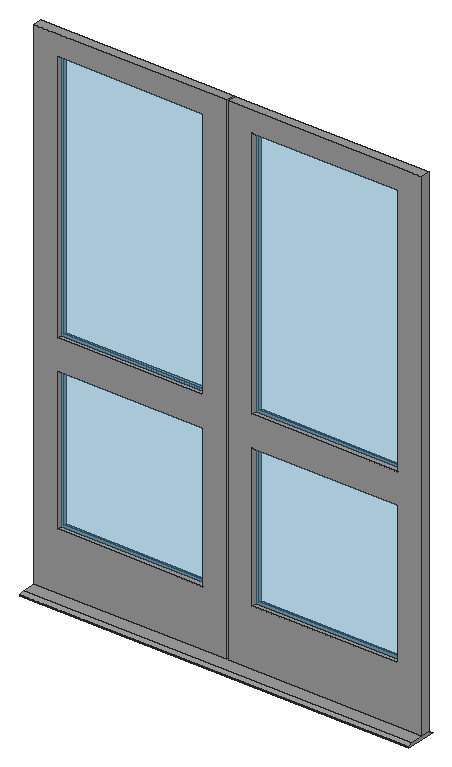
Revit family "AD P-E-DG-BHINGE-DBL ENT-SF_Arc", category Curtain Panels, Revit 2019
Family settings
  OmniClass Number = 23.25.20.14.11.11.17
  OmniClass Title = Infill Panels
  Always vertical = Yes
  Cut with Voids When Loaded = No
  Shared = No
Parameters
  Width [instance] = 6' - 2"
  Wide Stile Entrance [instance] = not(Medium Stile Entrance)  # no
  URL = "obe.com"
  Rough Width [instance] = Width + 0' 0 1/2"  # 6' - 2 1/2"
  Offset [instance] = 0' - 0"
  Model = "AD P-E-DG"
  Min Panel Width [instance] = if(Rough Width > 5' 11 255/256", Rough Width, 6' 0")  # 6' - 2 1/2"
  Medium Stile Entrance [instance] = yes
  Manufacturer = "Oldcastle BuildingEnvelope®"
  Keynote = "08 11 00"
  Height [instance] = 8' - 0"
  Glass Material = Glass
  Frame Material = Aluminum
  Door Panel Height [instance] = Height + 0' 0 1/2"  # 8' - 0 1/2"
  Description = "ArmorDefend Plus Medium/Wide Stile Entrance  - 7/16\" Infill"
  Assembly Code = "B2030"
  Analytic Construction = "<None>"
  8 Mid Rail [instance] = no
  4 Mid Rail [instance] = if(or([6.5 Mid Rail], 1 < 0, [8 Mid Rail], 1 < 0, [10 Mid Rail], 1 < 0), 0 > 1, 1 > 0)  # yes
  6.5 Mid Rail [instance] = no
  10 Mid Rail [instance] = no
Reference planes (in)
  plane 1 "Front": y = 0
  plane 2: z = 0
  plane 3 "Center (Left/Right)": x = 0
  plane 4 "Left": x = -37
  plane 5 "Right": x = 37
  plane 6 "Top": z = 96
  plane 7: x = -37.25
  plane 8: x = 37.25
Text (in)
  text "Exterior" at (-54.29358, 31.38743, 0), in view "Ref. Level"
  text "Exterior" at (480, 41.53993, 89.60405), in view "Right"
  text "Exterior" at (-240, 57.82419, 105.78864), in view "Left"
Dimensions and locks (in)
  equal spacing: plane 4 "Left", plane 3 "Center (Left/Right)", plane 5 "Right"
  "Width": plane 4 "Left" to plane 5 "Right"
  "Height": plane 6 "Top" to plane 2
  equal spacing: plane 7, plane 3 "Center (Left/Right)", plane 8
  "Min Panel Width": plane 7 to plane 8
  aligned and locked: level to plane 2
  aligned and locked: plane 3 "Center (Left/Right)" to nested 1
  aligned and locked: plane 1 "Front" to nested 1
Nested families (in)
  nested 1: "AD P-E-DG-BHINGE-Double Door-Panel" at (0, -16, 0), Frame Material <- "Frame Material", Glass Material <- "Glass Material", Width <- "Min Panel Width", Height <- "Door Panel Height", Medium Stile Entrance <- "Medium Stile Entrance", 6.5 Mid Rail <- "6.5 Mid Rail", 8 Mid Rail <- "8 Mid Rail", 10 Mid Rail <- "10 Mid Rail", Offset <- "Offset", type "AD E-DG-BHINGE-Double Door-Panel"
    with Wing Width 3' - 1 1/4", built-in parameter 1001301 6' - 2 1/2", Wide Stile Entrance no, Pushbar Height 3' - 5 1/4", Offset 0' - 0", Medium Stile Entrance yes, built-in parameter 1001300 8' - 0 1/2", Glass at Muntins 0' - 4 29/64", Glass Material Glass, Frame Material Aluminum, Edge of meeting stiles 0' - 4 1/32", Edge of door panel 0' - 4 19/64", 8 Mid Rail no, 6.5 Mid Rail no, 4 Mid Rail yes, 10 Mid Rail no
Definition of nested family "AD P-E-DG-BHINGE-Double Door-Panel"
  Parameters (values of type "AD E-DG-BHINGE-Double Door-Panel")
    Wing Width [instance] = Width / 2  # 3' - 0"
    Width [instance] = 6' - 0"
    Wide Stile Entrance [instance] = not(Medium Stile Entrance)  # no
    Offset [instance] = 0' - 1"
    Medium Stile Entrance [instance] = yes
    Height [instance] = 8' - 0"
    Pushbar Height [instance] = 3' - 5 1/4"  # constant formula
    Glass at Muntins [instance] = if([4 Mid Rail], 0' 4 29/64", if([6.5 Mid Rail], 0' 6 61/64", if([8 Mid Rail], 0' 8 29/64", if([10 Mid Rail], 0' 10 29/64", 0' 4 29/64"))))  # 0' - 4 29/64"
    Glass Material [instance] = none
    Frame Material [instance] = none
    Edge of meeting stiles [instance] = if(Medium Stile Entrance, 0' 4 1/32", if(Wide Stile Entrance, 0' 5 9/32", 0' 4 1/32"))  # 0' - 4 1/32"
    Edge of door panel [instance] = if(Medium Stile Entrance, 0' 4 19/64", if(Wide Stile Entrance, 0' 5 35/64", 0' 4 19/64"))  # 0' - 4 19/64"
    Analytic Construction = "<None>"
    8 Mid Rail [instance] = no
    6.5 Mid Rail [instance] = no
    4 Mid Rail [instance] = if(or([6.5 Mid Rail], 1 < 0, [8 Mid Rail], 1 < 0, [10 Mid Rail], 1 < 0), 0 > 1, 1 > 0)  # yes
    10 Mid Rail [instance] = no
  Reference planes (in)
    plane 1 "00": y = 14.2655
    plane 2: z = 0
    plane 3 "Center (Left/Right)": x = 0
    plane 4: z = 96
    plane 5: x = -36
    plane 6: x = 36
    plane 7 "Center (Front/Back)": y = 16
    plane 8 "Exterior": y = 14.703
    plane 9: z = 48
    plane 10: z = 10.92187
    plane 11: z = 92.125
    plane 12: z = 0
    plane 13 "Offset": y = 15
    plane 14 "Pushbar Height": z = 41.25
    plane 15 "01": z = 43.47656
    plane 16 "02": z = 39.02344
    plane 17 "Edge of meeting stiles R": x = -4.03125
    plane 18 "Edge of meeting stiles L": x = 4.03125
    plane 19: x = -4.03125
    plane 20: x = 4.03125
    plane 21: x = -31.70312
    plane 22: x = 31.70313
  Forms (in)
    Sweep 1, solid, material <- "Frame Material"
      path origin (0, 14.2655, 0) x (1, 0, 0) y (0, 0, 1)
        loop
          line (-35.56307, 96) -> (-0.22004, 96)
      profile origin (-17.89155, 14.2655, 96) x (0, 0, 1) y (0, -1, 0)
        loop
          line (-0.65625, -0.672) -> (-0.65625, 1.078) -> (-2.90218, 1.078) -> (-4.46825, 1.078) -> (-4.46825, 0.215) -> (-3.875, 0.215) -> (-3.875, -0.215) -> (-4.65625, -0.215) -> (-4.65625, -0.672) -> (-2.90218, -0.672) -> (-0.65625, -0.672)
    Sweep 2, solid, material <- "Frame Material"
      path origin (0, 14.2655, 0) x (1, 0, 0) y (0, 0, 1)
        loop
          line (35.24042, 95.34375) -> (35.24042, 0.6875)
      profile origin (35.24042, 14.2655, 48.01562) x (0, -1, 0) y (1, 0, 0)
        loop
          line (-0.672, 0.43158) -> (-0.672, -1.45435) -> (-0.672, -4.31854) -> (-0.21513, -4.31854) -> (-0.21513, -3.53729) -> (0.215, -3.53729) -> (0.215, -4.13054) -> (1.078, -4.13054) -> (1.078, -1.45435) -> (1.078, 0.32258) -> (-0.672, 0.43158)
    Sweep 3, solid, material <- "Frame Material"
      path origin (0, 14.2655, 0) x (1, 0, 0) y (0, 0, 1)
        loop
          line (-35.25, 95.34375) -> (-35.25, 0.6875)
      profile origin (-35.25, 14.2655, 48.01563) x (0, -1, 0) y (1, 0, 0)
        loop
          line (-0.672, -0.42207) -> (1.078, -0.31307) -> (1.078, 1.46393) -> (1.078, 4.14013) -> (0.215, 4.14013) -> (0.215, 3.54687) -> (-0.215, 3.54687) -> (-0.215, 4.32813) -> (-0.672, 4.32813) -> (-0.672, 1.46393) -> (-0.672, -0.42207)
    Sweep 4, solid, material <- "Frame Material"
      path origin (0, 14.2655, 0) x (1, 0, 0) y (0, 0, 1)
        loop
          line (0.22004, 96) -> (35.563, 96)
      profile origin (17.89152, 14.2655, 96) x (0, 0, 1) y (0, -1, 0)
        loop
          line (-0.65625, -0.672) -> (-0.65625, 1.078) -> (-2.77706, 1.078) -> (-4.46825, 1.078) -> (-4.46825, 0.215) -> (-3.875, 0.215) -> (-3.875, -0.215) -> (-4.65625, -0.215) -> (-4.65625, -0.672) -> (-2.77706, -0.672) -> (-0.65625, -0.672)
    Sweep 5, solid, material <- "Frame Material"
      path origin (0, 14.2655, 0) x (1, 0, 0) y (0, 0, 1)
        loop
          line (35.563, 0) -> (0.22004, 0)
      profile origin (17.89152, 14.2655, 0) x (0, 0, -1) y (0, -1, 0)
        loop
          line (-3.49593, -0.672) -> (-0.6875, -0.672) -> (-0.6875, 1.078) -> (-3.49593, 1.078) -> (-11.49949, 1.078) -> (-11.49949, 0.215) -> (-10.92187, 0.215) -> (-10.92187, -0.215) -> (-11.68749, -0.215) -> (-11.68749, -0.672) -> (-3.49593, -0.672)
    Extrusion 6, solid, material <- "Glass Material", detail levels medium+fine
      sketch origin (0, 0, 0) x (1, 0, 0) y (0, 1, 0)
        loop
          line (-31.70312, 14.0505) -> (-4.03125, 14.0505) -> (-4.03125, 14.1755) -> (-31.70312, 14.1755) -> (-31.70312, 14.0505)
        loop
          line (-4.03125, 14.4805) -> (-31.70312, 14.4805) -> (-31.70312, 14.3555) -> (-4.03125, 14.3555) -> (-4.03125, 14.4805)
      from 43.47656 to 92.125
    Sweep 7, solid, material <- "Frame Material"
      path origin (0, 15, 0) x (1, 0, 0) y (0, 0, 1)
        loop
          line (-35.67207, 0) -> (35.672, 0)
      profile origin (-0.00003, 15, 0) x (0, 0, 1) y (0, -1, 0)
        loop
          line (0.5, 4.1875) -> (0.125, 4.9375) -> (0, 4.9375) -> (0, -0.6875) -> (0.125, -0.6875) -> (0.5, 0.0625) -> (0.5, 4.1875)
    Sweep 8, solid, material <- "Frame Material"
      path origin (0, 15, 0) x (1, 0, 0) y (0, 0, 1)
        loop
          line (35.563, 41.25) -> (0.22004, 41.25)
      profile origin (17.89152, 15, 41.25) x (0, 0, -1) y (0, -1, 0)
        loop
          line (2.82019, 1.8125) -> (-2.804, 1.8125) -> (-2.804, 0.9495) -> (-2.22656, 0.9495) -> (-2.22656, 0.5195) -> (-2.992, 0.5195) -> (-2.992, 0.0625) -> (3.00819, 0.0625) -> (3.00819, 0.5195) -> (2.22656, 0.5195) -> (2.22656, 0.9495) -> (2.82019, 0.9495) -> (2.82019, 1.8125)
    Sweep 9, solid, material <- "Frame Material"
      path origin (-34, 15, 0) x (1, 0, 0) y (0, 0, 1)
        loop
          line (33.77996, 41.25) -> (-1.47004, 41.25)
      profile origin (-17.84504, 15, 41.25) x (0, 0, -1) y (0, -1, 0)
        loop
          line (2.82, 1.8125) -> (-2.80419, 1.8125) -> (-2.80419, 0.9495) -> (-2.22656, 0.9495) -> (-2.22656, 0.5195) -> (-2.99219, 0.5195) -> (-2.99219, 0.0625) -> (3.008, 0.0625) -> (3.008, 0.5195) -> (2.22656, 0.5195) -> (2.22656, 0.9495) -> (2.82, 0.9495) -> (2.82, 1.8125)
    Sweep 10, solid, material <- "Frame Material"
      path origin (-40, 14.2655, 0) x (1, 0, 0) y (0, 0, 1)
        loop
          line (39.77996, 0) -> (4.52996, 0)
      profile origin (-17.84504, 14.2655, 0) x (0, 0, -1) y (0, -1, 0)
        loop
          line (-3.49593, -0.672) -> (-0.6875, -0.672) -> (-0.6875, 1.078) -> (-3.49593, 1.078) -> (-11.49949, 1.078) -> (-11.49949, 0.215) -> (-10.92187, 0.215) -> (-10.92187, -0.215) -> (-11.68749, -0.215) -> (-11.68749, -0.672) -> (-3.49593, -0.672)
    Sweep 11, solid, material <- "Frame Material"
      path origin (0, 15, 0) x (1, 0, 0) y (0, 0, 1)
        loop
          line (0, 95.34375) -> (0, 0.6875)
      profile origin (0, 15, 48.01563) x (0, -1, 0) y (1, 0, 0)
        loop
          line (0.0625, -0.22004) -> (0.0625, -4.8125) -> (0.5195, -4.8125) -> (0.5195, -4.03125) -> (0.9495, -4.03125) -> (0.9495, -4.6245) -> (1.8125, -4.6245) -> (1.8125, -0.22004)
          arc (1.8125, -0.22004) -> (0.9375, -0.06285) -> (0.0625, -0.22004) r 2.51398
        loop
          arc (0.0625, 0.22004) -> (0.9375, 0.06285) -> (1.8125, 0.22004) r 2.51398
          line (1.8125, 0.22004) -> (1.8125, 4.6245) -> (0.9495, 4.6245) -> (0.9495, 4.03125) -> (0.5195, 4.03125) -> (0.5195, 4.8125) -> (0.0625, 4.8125) -> (0.0625, 0.22004)
    Extrusion 12, solid, material <- "Glass Material", detail levels coarse
      sketch origin (0, 0, 0) x (1, 0, 0) y (0, 1, 0)
        loop
          line (-31.70312, 14.0505) -> (-4.03125, 14.0505) -> (-4.03125, 14.4805) -> (-31.70312, 14.4805) -> (-31.70312, 14.0505)
      from 43.47656 to 92.125
    Extrusion 13, solid, material <- "Glass Material", detail levels coarse
      sketch origin (0, 0, -32.25) x (1, 0, 0) y (0, 1, 0)
        loop
          line (-31.70312, 14.0505) -> (-4.03125, 14.0505) -> (-4.03125, 14.4805) -> (-31.70312, 14.4805) -> (-31.70312, 14.0505)
      from 43.17187 to 71.27344
    Extrusion 14, solid, material <- "Glass Material", detail levels medium+fine
      sketch origin (0, 0, -32.25) x (1, 0, 0) y (0, 1, 0)
        loop
          line (-31.70312, 14.0505) -> (-4.03125, 14.0505) -> (-4.03125, 14.1755) -> (-31.70312, 14.1755) -> (-31.70312, 14.0505)
        loop
          line (-31.70312, 14.4805) -> (-31.70312, 14.3555) -> (-4.03125, 14.3555) -> (-4.03125, 14.4805) -> (-31.70312, 14.4805)
      from 43.17187 to 71.27344
    Extrusion 15, solid, material <- "Glass Material", detail levels coarse
      sketch origin (36.25, 0, 0) x (1, 0, 0) y (0, 1, 0)
        loop
          line (-32.21875, 14.0505) -> (-4.54687, 14.0505) -> (-4.54687, 14.4805) -> (-32.21875, 14.4805) -> (-32.21875, 14.0505)
      from 43.47656 to 92.125
    Extrusion 16, solid, material <- "Glass Material", detail levels medium+fine
      sketch origin (36.25, 0, 0) x (1, 0, 0) y (0, 1, 0)
        loop
          line (-32.21875, 14.0505) -> (-4.54687, 14.0505) -> (-4.54687, 14.1755) -> (-32.21875, 14.1755) -> (-32.21875, 14.0505)
        loop
          line (-32.21875, 14.4805) -> (-32.21875, 14.3555) -> (-4.54687, 14.3555) -> (-4.54687, 14.4805) -> (-32.21875, 14.4805)
      from 43.47656 to 92.125
    Extrusion 17, solid, material <- "Glass Material", detail levels medium+fine
      sketch origin (36.25, 0, -45) x (1, 0, 0) y (0, 1, 0)
        loop
          line (-32.21875, 14.0505) -> (-4.54687, 14.0505) -> (-4.54687, 14.1755) -> (-32.21875, 14.1755) -> (-32.21875, 14.0505)
        loop
          line (-32.21875, 14.4805) -> (-32.21875, 14.3555) -> (-4.54687, 14.3555) -> (-4.54687, 14.4805) -> (-32.21875, 14.4805)
      from 55.92188 to 84.02344
    Extrusion 18, solid, material <- "Glass Material", detail levels coarse
      sketch origin (36.25, 0, -45) x (1, 0, 0) y (0, 1, 0)
        loop
          line (-32.21875, 14.0505) -> (-4.54687, 14.0505) -> (-4.54687, 14.4805) -> (-32.21875, 14.4805) -> (-32.21875, 14.0505)
      from 55.92188 to 84.02344
  Cuts and joins
    joined: Sweep 1, Sweep 2, Sweep 3, Sweep 4, Sweep 5, Sweep 8, Sweep 9, Sweep 10, Sweep 11
  Lines and regions (in)
    model lines
      curve 1: line (3.3125, 14.703, 91.84375) -> (33.1875, 14.703, 48.02216)
      curve 2: line (33.1875, 14.703, 48.02216) -> (3.3745, 14.703, 11.20312)
      curve 3: line (-3.5625, 14.703, 91.84375) -> (-32.657, 14.703, 48)
      curve 4: line (-32.657, 14.703, 48) -> (-3.5625, 14.703, 11.20312)
  Dimensions and locks (in)
    "Height": plane 4 to level
    equal spacing: plane 5, plane 3 "Center (Left/Right)", plane 6
    "Width": plane 5 to plane 6
    plane 1 "00" to plane 8 "Exterior" to plane 13 "Offset" = 0' - 0 7/16" locked, 0' - 0.297" locked
    equal spacing: level, plane 9, plane 4
    locked: Sweep 2 sketch curve to plane 4 at 0.65625
    locked: Sweep 3 sketch curve to plane 4 at 0.65625
    locked: plane 3 "Center (Left/Right)" to Sweep 1 sketch curve at 0.22004
    locked: Sweep 4 sketch curve to plane 3 "Center (Left/Right)" at 0.22004
    locked: Sweep 5 sketch curve to plane 3 "Center (Left/Right)" at 0.22004
    locked: plane 10 to plane 2 at 10.92187
    locked: Sweep 5 sketch curve to plane 10 at 0.57761
    locked: Sweep 5 sketch curve to plane 10 at 0.76561
    equal spacing: plane 4, plane 9, plane 12
    locked: plane 11 to Sweep 4 sketch curve at 0.59325
    locked: plane 11 to Sweep 4 sketch curve at 0.78125
    locked: plane 4 to plane 11 at 3.875
    Extrusion 6 sketch curve to Extrusion 6 sketch curve to plane 1 "00" to Extrusion 6 sketch curve to Extrusion 6 sketch curve = 0' - 0 1/8" locked, 0' - 0.09" locked, 0' - 0.09" locked, 0' - 0 1/8" locked
    "Offset": plane 13 "Offset" to plane 7 "Center (Front/Back)"
    locked: plane 6 to Sweep 7 sketch curve at 0.328
    locked: Sweep 7 sketch curve to plane 5 at 0.32793
    locked: Sweep 3 sketch curve to plane 12 at 0.6875
    locked: Sweep 2 sketch curve to plane 12 at 0.6875
    "Edge of door panel": plane 5 to Sweep 3 sketch curve
    Sweep 3 sketch curve to Sweep 3 sketch curve to Sweep 3 sketch curve = 0' - 0.59325" locked, 0' - 0.188" locked
    "Edge of door panel": Sweep 2 sketch curve to plane 6
    Sweep 2 sketch curve to Sweep 2 sketch curve to Sweep 2 sketch curve = 0' - 0.188" locked, 0' - 0.59325" locked
    Sweep 3 sketch curve to Sweep 3 sketch curve to Sweep 3 sketch curve to Sweep 3 sketch curve to plane 13 "Offset" = 0' - 0.863" locked, 0' - 0.43" locked, 0' - 0.457" locked, 0' - 0 1/16" locked
    Sweep 2 sketch curve to Sweep 2 sketch curve to Sweep 2 sketch curve to Sweep 2 sketch curve to plane 13 "Offset" = 0' - 0.863" locked, 0' - 0.43012" locked, 0' - 0.45687" locked, 0' - 0 1/16" locked
    locked: plane 6 to Sweep 5 sketch curve at 0.437
    "Pushbar Height": plane 14 "Pushbar Height" to level
    equal spacing: plane 16 "02", plane 14 "Pushbar Height", plane 15 "01"
    "Glass at Muntins": plane 16 "02" to plane 15 "01"
    locked: plane 6 to Sweep 8 sketch curve at 0.437
    locked: Sweep 8 sketch curve to plane 3 "Center (Left/Right)" at 0.22004
    locked: plane 3 "Center (Left/Right)" to Sweep 9 sketch curve at 0.22004
    locked: Sweep 9 sketch curve to plane 5 at 0.52996
    locked: Sweep 10 sketch curve to plane 5 at 0.52996
    locked: plane 3 "Center (Left/Right)" to Sweep 10 sketch curve at 0.22004
    locked: Sweep 11 sketch curve to plane 4 at 0.65625
    locked: level to Sweep 11 sketch curve at 0.6875
    "Edge of meeting stiles": plane 17 "Edge of meeting stiles R" to plane 3 "Center (Left/Right)"
    "Edge of meeting stiles": plane 3 "Center (Left/Right)" to plane 18 "Edge of meeting stiles L"
    Sweep 11 sketch curve to Sweep 11 sketch curve to plane 17 "Edge of meeting stiles R" = 0' - 0.188" locked, 0' - 0.59325" locked
    plane 18 "Edge of meeting stiles L" to Sweep 11 sketch curve to Sweep 11 sketch curve = 0' - 0.59325" locked, 0' - 0.188" locked
    "Edge of meeting stiles": plane 19 to plane 3 "Center (Left/Right)"
    "Edge of meeting stiles": plane 3 "Center (Left/Right)" to plane 20
    "Edge of door panel": plane 5 to plane 21
    "Edge of door panel": plane 22 to plane 6
    Extrusion 12 sketch curve to plane 1 "00" to Extrusion 12 sketch curve = 0' - 0.215" locked, 0' - 0.215" locked
    Extrusion 13 sketch curve to plane 1 "00" to Extrusion 13 sketch curve = 0' - 0.215" locked, 0' - 0.215" locked
    Extrusion 14 sketch curve to plane 1 "00" to Extrusion 14 sketch curve = 0' - 0.215" locked, 0' - 0.215" locked
    Extrusion 15 sketch curve to plane 1 "00" to Extrusion 15 sketch curve = 0' - 0.215" locked, 0' - 0.215" locked
    Extrusion 16 sketch curve to Extrusion 16 sketch curve to plane 1 "00" to Extrusion 16 sketch curve to Extrusion 16 sketch curve = 0' - 0 1/8" locked, 0' - 0.09" locked, 0' - 0.09" locked, 0' - 0 1/8" locked
    Extrusion 17 sketch curve to Extrusion 17 sketch curve to plane 1 "00" to Extrusion 17 sketch curve to Extrusion 17 sketch curve = 0' - 0 1/8" locked, 0' - 0.09" locked, 0' - 0.09" locked, 0' - 0 1/8" locked
    Extrusion 18 sketch curve to plane 1 "00" to Extrusion 18 sketch curve = 0' - 0.215" locked, 0' - 0.215" locked
    Sweep 8 sketch curve to Sweep 8 sketch curve to plane 15 "01" = 0' - 0.188" locked, 0' - 0.57744" locked
    Sweep 8 sketch curve to Sweep 8 sketch curve to plane 16 "02" = 0' - 0.188" locked, 0' - 0.59363" locked
    Sweep 9 sketch curve to Sweep 9 sketch curve to plane 15 "01" = 0' - 0.188" locked, 0' - 0.57763" locked
    Sweep 9 sketch curve to Sweep 9 sketch curve to plane 16 "02" = 0' - 0.188" locked, 0' - 0.59344" locked
    aligned and locked: plane 2 to level
    aligned and locked: Sweep 1 sketch curve to plane 4
    aligned and locked: Sweep 5 sketch curve to level
    aligned and locked: plane 4 to Sweep 4 sketch curve
    aligned and locked: plane 9 to curve 3
    aligned and locked: Sweep 7 sketch curve to plane 12
    aligned and locked: Sweep 5 sketch curve to plane 10
    aligned and locked: plane 11 to Extrusion 6
    aligned and locked: Sweep 4 sketch curve to plane 11
    aligned and locked: Extrusion 6 to plane 15 "01"
    aligned and locked: Sweep 8 sketch curve to plane 14 "Pushbar Height"
    aligned and locked: Sweep 9 sketch curve to plane 14 "Pushbar Height"
    aligned and locked: Sweep 10 sketch curve to level
    aligned and locked: plane 3 "Center (Left/Right)" to Sweep 11 sketch curve
    aligned and locked: Sweep 11 sketch curve to plane 17 "Edge of meeting stiles R"
    aligned and locked: Sweep 11 sketch curve to plane 18 "Edge of meeting stiles L"
    aligned and locked: plane 21 to Extrusion 6
    aligned and locked: Extrusion 6 to plane 21
    aligned and locked: plane 19 to Extrusion 6
    aligned and locked: Extrusion 6 to plane 19
    aligned and locked: Extrusion 12 sketch curve to plane 21
    aligned and locked: Extrusion 12 sketch curve to plane 19
    aligned and locked: plane 11 to Extrusion 12
    aligned and locked: Extrusion 12 to plane 15 "01"
    aligned and locked: Extrusion 13 to plane 10
    aligned and locked: Extrusion 13 to plane 16 "02"
    aligned and locked: Extrusion 13 sketch curve to plane 21
    aligned and locked: Extrusion 13 sketch curve to plane 19
    aligned and locked: Extrusion 14 sketch curve to plane 19
    aligned and locked: plane 19 to Extrusion 14 sketch curve
    aligned and locked: Extrusion 14 sketch curve to plane 21
    aligned and locked: plane 21 to Extrusion 14 sketch curve
    aligned and locked: Extrusion 15 sketch curve to plane 20
    aligned and locked: Extrusion 15 sketch curve to plane 22
    aligned and locked: plane 11 to Extrusion 15
    aligned and locked: Extrusion 14 to plane 16 "02"
    aligned and locked: Extrusion 14 to plane 10
    aligned and locked: Extrusion 16 sketch curve to plane 22  (x2)
    aligned and locked: Extrusion 16 sketch curve to plane 20  (x2)
    aligned and locked: Extrusion 16 to plane 15 "01"
    aligned and locked: plane 11 to Extrusion 16
    aligned and locked: Extrusion 17 to plane 16 "02"
    aligned and locked: Extrusion 17 to plane 10
    aligned and locked: Extrusion 17 sketch curve to plane 20  (x2)
    aligned and locked: Extrusion 17 sketch curve to plane 22  (x2)
    aligned and locked: Extrusion 18 to plane 10
    aligned and locked: Extrusion 18 to plane 16 "02"
    aligned and locked: Extrusion 18 sketch curve to plane 20
    aligned and locked: Extrusion 18 sketch curve to plane 22
    aligned and locked: Sweep 8 sketch curve to plane 15 "01"
    aligned and locked: Sweep 8 sketch curve to plane 16 "02"
    aligned and locked: Sweep 9 sketch curve to plane 15 "01"
    aligned and locked: Sweep 9 sketch curve to plane 16 "02"
  Automatic sketch dimensions
    plane 5 to Sweep 1 sketch curve = 0' - 0.43693"
    Sweep 1 sketch curve to plane 1 "00" = 0' - 0.215"
    profile plane to Sweep 1 sketch curve = 0' - 4 21/32"
    plane 1 "00" to Sweep 1 sketch curve = 0' - 0.215"
    Sweep 1 sketch curve to Sweep 1 sketch curve = 0' - 0.188"
    Sweep 1 sketch curve to Sweep 1 sketch curve = 0' - 0.59325"
    Sweep 1 sketch curve to Sweep 1 sketch curve = 0' - 0.97282"  (x2)
    profile plane to Sweep 1 sketch curve = 0' - 0 21/32"
    Sweep 1 sketch curve to plane 1 "00" = 0' - 0.672"
    plane 1 "00" to Sweep 1 sketch curve = 0' - 1.078"
    Sweep 2 sketch curve to plane 6 = 0' - 0.75958"
    plane 5 to Sweep 3 sketch curve = 0' - 0 3/4"
    Sweep 4 sketch curve to plane 6 = 0' - 0.437"
    Sweep 4 sketch curve to Sweep 4 sketch curve = 0' - 1.09794"  (x2)
    profile plane to Sweep 4 sketch curve = 0' - 0 21/32"
    Sweep 4 sketch curve to plane 1 "00" = 0' - 0.672"
    Sweep 4 sketch curve to plane 1 "00" = 0' - 0.215"
    plane 1 "00" to Sweep 4 sketch curve = 0' - 0.215"
    plane 1 "00" to Sweep 4 sketch curve = 0' - 1.078"
    plane 1 "00" to Sweep 5 sketch curve = 0' - 1.078"
    profile plane to Sweep 5 sketch curve = 0' - 3.49593"
    Sweep 5 sketch curve to plane 1 "00" = 0' - 0.672"
    Sweep 5 sketch curve to Sweep 5 sketch curve = 0' - 0"
    profile plane to Sweep 5 sketch curve = 0' - 0 11/16"
    Sweep 5 sketch curve to plane 1 "00" = 0' - 0.215"
    plane 1 "00" to Sweep 5 sketch curve = 0' - 0.215"
    Extrusion 6 sketch curve to plane 21 = 0' - 0"  (x2)
    Extrusion 6 sketch curve to plane 19 = 0' - 0"  (x2)
    plane 21 to curve 4 = 0' - 0.95388"
    plane 9 to curve 2 = 0' - 0.02216"
    plane 22 to curve 2 = 0' - 1 31/64"
    curve 4 to plane 19 = 0' - 0 15/32"
    curve 3 to plane 19 = 0' - 0 15/32"
    curve 1 to plane 11 = 0' - 0 9/32"
    curve 1 to plane 20 = 0' - 0 23/32"
    plane 10 to curve 2 = 0' - 0 9/32"
    curve 2 to plane 20 = 0' - 0.65675"
    plane 10 to curve 4 = 0' - 0 9/32"
    curve 3 to plane 11 = 0' - 0 9/32"
    profile plane to Sweep 7 sketch curve = 0' - 0"
    Sweep 7 sketch curve to Sweep 7 sketch curve = 0' - 0 1/8"  (x2)
    Sweep 7 sketch curve to profile plane = 0' - 0 1/2"
    Sweep 7 sketch curve to plane 13 "Offset" = 0' - 0 11/16"
    plane 13 "Offset" to Sweep 7 sketch curve = 0' - 0 1/16"
    plane 13 "Offset" to Sweep 7 sketch curve = 0' - 4 3/16"
    Sweep 7 sketch curve to Sweep 7 sketch curve = 0' - 0 3/4"
    plane 13 "Offset" to Sweep 8 sketch curve = 0' - 0 1/16"
    plane 13 "Offset" to Sweep 8 sketch curve = 0' - 0.9495"
    Sweep 8 sketch curve to Sweep 8 sketch curve = 0' - 0.43"  (x2)
    Sweep 8 sketch curve to Sweep 8 sketch curve = 0' - 0.457"
    Sweep 8 sketch curve to Sweep 8 sketch curve = 0' - 0.863"
    plane 13 "Offset" to Sweep 9 sketch curve = 0' - 0 1/16"
    plane 13 "Offset" to Sweep 9 sketch curve = 0' - 0.9495"
    Sweep 9 sketch curve to Sweep 9 sketch curve = 0' - 0.43"  (x2)
    Sweep 9 sketch curve to Sweep 9 sketch curve = 0' - 0.457"
    Sweep 9 sketch curve to Sweep 9 sketch curve = 0' - 0.863"
    Sweep 10 sketch curve to plane 1 "00" = 0' - 0.215"
    profile plane to Sweep 10 sketch curve = 0' - 11 11/16"
    plane 1 "00" to Sweep 10 sketch curve = 0' - 0.215"
    Sweep 10 sketch curve to Sweep 10 sketch curve = 0' - 0.188"
    Sweep 10 sketch curve to Sweep 10 sketch curve = 0' - 0.57761"
    plane 1 "00" to Sweep 10 sketch curve = 0' - 1.078"
    profile plane to Sweep 10 sketch curve = 0' - 3.49593"
    Sweep 10 sketch curve to plane 1 "00" = 0' - 0.672"
    Sweep 10 sketch curve to Sweep 10 sketch curve = 0' - 0"
    profile plane to Sweep 10 sketch curve = 0' - 0 11/16"
    plane 1 "00" to Extrusion 14 sketch curve = 0' - 0.09"
    Extrusion 14 sketch curve to plane 1 "00" = 0' - 0.09"
    profile plane to Sweep 2 sketch curve = 0' - 1.45435"  (x2)
    Sweep 2 sketch curve to profile plane = 0' - 0.32258"
    Sweep 2 sketch curve to profile plane = 0' - 0.43158"
    Sweep 3 sketch curve to profile plane = 0' - 1.46393"  (x2)
    profile plane to Sweep 3 sketch curve = 0' - 0.31307"
    profile plane to Sweep 3 sketch curve = 0' - 0.42207"
    plane 13 "Offset" to Sweep 11 sketch curve = 0' - 0 1/16"  (x2)
    plane 13 "Offset" to Sweep 11 sketch curve = 0' - 0.5195"
    Sweep 11 sketch curve to Sweep 11 sketch curve = 0' - 0.457"
    plane 13 "Offset" to Sweep 11 sketch curve = 0' - 0 15/16"  (x2)
    Sweep 11 sketch curve to Sweep 11 sketch curve = 0' - 0.43"  (x2)
    Sweep 11 sketch curve to Sweep 11 sketch curve = 0' - 0.863"  (x2)
    Sweep 11 sketch curve to plane 17 "Edge of meeting stiles R" = 0' - 1.45442"
    profile plane to Sweep 11 sketch curve = 0' - 0.22004"
    Sweep 11 sketch curve to profile plane = 0' - 0.22004"
    Sweep 11 sketch curve to plane 18 "Edge of meeting stiles L" = 0' - 1.45442"
